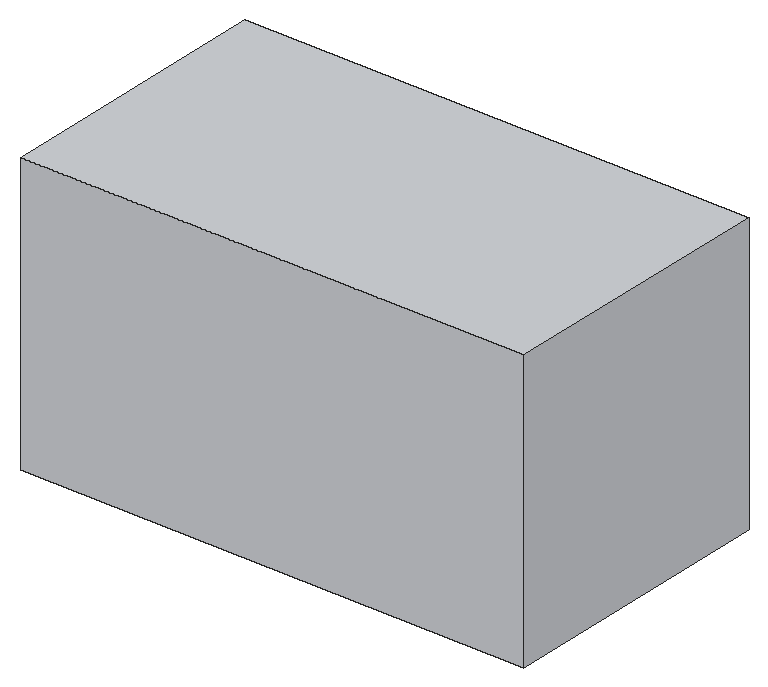
Revit family "f9c90449067e44f79412fa6acccd859a", category Conduit Fittings, Revit 2021
Family settings
  Round Connector Dimension = Use Radius
  Part Type = Multi Port
  OmniClass Number = 23.80.30.17.11
  OmniClass Title = Conduits
  Work Plane-Based = No
  Always vertical = Yes
  Cut with Voids When Loaded = No
  Shared = No
Parameters (values of type "Single Gang")
  Width 2 [instance] = Max Nominal Diameter 123 + 0' 0 1/2"  # 1"
  Width 1 [instance] = (Width - Width 2) * 0.5  # 3/4"
  Width [instance] = if(not(Max Nominal Diameter 123 > 0' 1"), Outside Width, 6 * Max Nominal Diameter 123)  # 2 1/2"
  Outside Width = 2 1/2"
  Nominal Radius 3 [instance] = 1/4"
  Nominal Radius 2 [instance] = 1/4"
  Nominal Radius 1 [instance] = 1/4"
  Nominal Diameter 3 [instance] = Nominal Radius 3 * 2  # 1/2"
  Nominal Diameter 2 [instance] = Nominal Radius 2 * 2  # 1/2"
  Nominal Diameter 1 [instance] = Nominal Radius 1 * 2  # 1/2"
  Max Nominal Diameter 123 [instance] = if(Max Nominal Diameter 12 > Nominal Diameter 3, Max Nominal Diameter 12, Nominal Diameter 3)  # 1/2"
  Max Nominal Diameter 12 [instance] = if(Nominal Diameter 1 > Nominal Diameter 2, Nominal Diameter 1, Nominal Diameter 2)  # 1/2"
  Length [instance] = if(not(Max Nominal Diameter 123 > 0' 1"), 0' 4 1/2", 8 * Max Nominal Diameter 123)  # 4 1/2"
  Height [instance] = if(not(Max Nominal Diameter 123 > 0' 1"), 0' 2 1/2", if(Max Nominal Diameter 123 < 0' 6", 0' 6", Max Nominal Diameter 123 * 1.2))  # 2 1/2"
  Default Elevation = 0' - 0"
Types (3): name | Width 1 | Width | Outside Width
  (no name) | 3/4" | 2 1/2" | 2 1/2"
  Double Gang | 1 7/8" | 4 3/4" | 4 3/4"
  Single Gang | 3/4" | 2 1/2" | 2 1/2"
Reference planes (in)
  plane 1 "Center (Front/Back)": y = 0
  plane 2: z = 0
  plane 3 "Center (Left/Right)": x = 0
  plane 4: y = 0.75
  plane 5: y = -1.75
  plane 6: x = 4.5
  plane 7: z = -1.25
  plane 8: z = 1.25
  plane 9: y = -1
Forms (in)
  Extrusion 1, solid
    sketch origin (0, 0, 0) x (1, 0, 0) y (0, 1, 0)
      loop
        line (0, 0.75) -> (0, -1.75) -> (4.5, -1.75) -> (4.5, 0.75) -> (0, 0.75)
    from -1.25 to 1.25
  Extrusion 2, solid
    sketch origin (0, 0, 0) x (0, 1, 0) y (0, 0, 1)
      loop
        circle (0, 0) r 0.25
    from 0 to 0.96576
  Extrusion 3, solid
    sketch origin (0, 0, 0) x (0, 1, 0) y (0, 0, 1)
      loop
        circle (-1, 0) r 0.25
    from 0 to 0.96576
Cuts and joins
  joined: Extrusion 1, Extrusion 2, Extrusion 3
Dimensions and locks (in)
  equal spacing: plane 8, plane 2, plane 7
  locked: level to plane 2
  "Height": plane 8 to plane 7
  "Length": plane 3 "Center (Left/Right)" to plane 6
  "Width 1": plane 4 to plane 1 "Center (Front/Back)"
  "Width 2": plane 9 to plane 1 "Center (Front/Back)"
  "Width": plane 4 to plane 5
  "Nominal Radius 1": radius of Extrusion 2 sketch curve
  "Nominal Radius 1": radius of Extrusion 3 sketch curve
  aligned and locked: Extrusion 1 sketch curve to plane 4
  aligned and locked: plane 5 to Extrusion 1 sketch curve
  aligned and locked: Extrusion 1 sketch curve to plane 6
  aligned: Extrusion 1 to plane 2
  aligned and locked: Extrusion 1 to plane 7
  aligned and locked: plane 8 to Extrusion 1
  aligned and locked: Extrusion 1 to plane 3 "Center (Left/Right)"
  aligned and locked: plane 2 to Extrusion 2 sketch curve
  aligned and locked: plane 1 "Center (Front/Back)" to Extrusion 2 sketch curve
  aligned and locked: Extrusion 2 to plane 3 "Center (Left/Right)"
  aligned and locked: plane 2 to Extrusion 3 sketch curve
  aligned and locked: plane 9 to Extrusion 3 sketch curve
  aligned and locked: Extrusion 3 to plane 3 "Center (Left/Right)"
Automatic sketch dimensions
  plane 3 "Center (Left/Right)" to Extrusion 1 sketch curve = 0' - 0"
Connectors (in)
  cabletrayconduit at (0, 0, 0), diameter 0.5, driven by "Nominal Radius 1"
    settings: on Extrusion 2, index 1, connector width 1' - 0", connector height 1' - 0", connector angle 0.00°, system type 32, placement type 0, profile type 0, connector reference index 3, is primary connector yes, connector utility param no, connector description ""
  cabletrayconduit at (0, -1, 0), diameter 0.5, driven by "Nominal Radius 2"
    settings: on Extrusion 3, index 2, connector width 1' - 0", connector height 1' - 0", connector angle 0.00°, system type 32, placement type 0, profile type 0, connector reference index -1, is primary connector no, connector utility param no, connector description ""
  cabletrayconduit at (4.5, -0.5, 0), diameter 0.5, driven by "Nominal Radius 3"
    settings: on cut or joined group of Extrusion 1, Extrusion 2, Extrusion 3, index 3, connector width 1' - 0", connector height 1' - 0", connector angle 0.00°, system type 32, placement type 0, profile type 0, connector reference index 1, is primary connector no, connector utility param no, connector description ""
